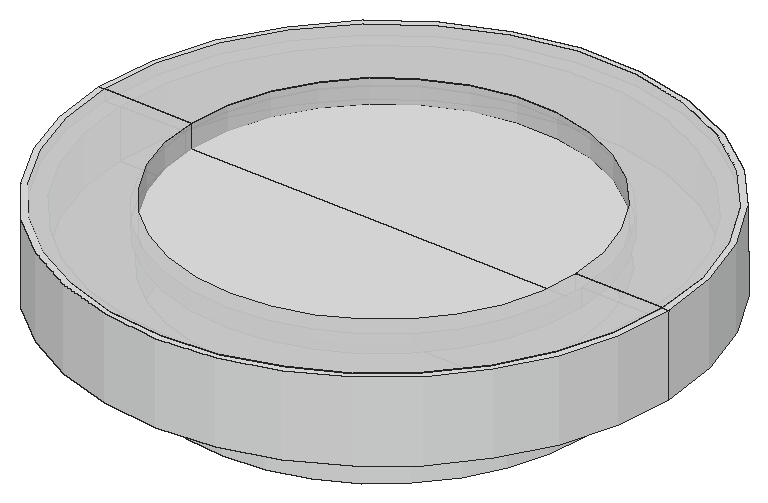
Revit family "0047935 Sylvania Lighting Fixture ST eco Surface Wall Round IP54 MW 830lm 830 WHT", category Lighting Fixtures, host Face, Revit 2016
Family settings
  Host = Face
  Part Type = Normal
  Round Connector Dimension = Use Diameter
  OmniClass Number = 23.80.70.11.17
  OmniClass Title = Specialized Lighting by Location or Use
  Cut with Voids When Loaded = No
  Light Source = Yes
  Shared = No
  Room Calculation Point = No
Parameters (values of type "0047935 ST eco Surface Wall Round IP54 MW 830lm 830 WHT")
  Weight = 0.88 kg
  Wattage = 12 W
  built-in parameter 1150110 = 1 (stored number, unit not read)
  Voltage Comments = "UNV (Universal Voltage; 230-240 Volt)"  # constant formula
  Voltage = 240 V  # constant formula
  URL = "http://www.sylvania-lighting.com/product/en-int/products/0047935"
  built-in parameter 1114217 = 1 (stored number, unit not read)
  Tilt Angle = -90.00°
  built-in parameter 1150109 = 1 (stored number, unit not read)
  built-in parameter 1150134 = (empty or 0)
  Ta Rating = "-20°C to +45°C"  # constant formula
  built-in parameter 1150113 = 1 (stored number, unit not read)
  Radius = 100.0 mm
  Product Page URL = "http://www.sylvania-lighting.com/product/en-int/products/0047935"
  Product Family = ""
  Photometry Comments = ""
  Photometric Web File = "0047935.ies"
  built-in parameter 1150105 = 296.03 (stored number, unit not read)
  Lumens = 830.04 lm
  built-in parameter 1150115 = 1 (stored number, unit not read)
  built-in parameter 1150137 = (empty or 0)
  built-in parameter 1150139 = (empty or 0)
  Life = "25 000h"  # constant formula
  built-in parameter 1150112 = 1 (stored number, unit not read)
  built-in parameter 1150114 = 1 (stored number, unit not read)
  Lamp Comments = "Integrated LED"  # constant formula
  built-in parameter 1150132 = 2
  built-in parameter 1150102 = (empty or 0)
  built-in parameter 1150107 = 3000 (stored number, unit not read)
  built-in parameter 1150138 = (empty or 0)
  built-in parameter 1150106 = 2.9603 (stored number, unit not read)
  IP Rating = "IP54"  # constant formula
  IK Rating = "IK05"  # constant formula
  Energy Class = "A++ A+ A"  # constant formula
  Emit from Circle Diameter = Diameter  # 200.0 mm
  Emit Shape Visible in Rendering = no
  Electrical Protection = "CLASS I"  # constant formula
  built-in parameter 1150104 = 6.4261 (stored number, unit not read)
  Drive Current = "300mA"
  Dimming Lamp Color Temperature Shift = <None>
  Diameter = Radius * 2  # 200.0 mm
  Color Filter = 16777215
  Catalog Number = "0047935 ST eco Surface Wall Round IP54 MW 830lm 830 WHT"
  Body Material = Aluminum_Sylvania_Velite_White_RAL 9016
  built-in parameter 1114218 = 1 (stored number, unit not read)
  built-in parameter 1150133 = 10 (stored number, unit not read)
  Height = 50.0 mm
  built-in parameter 1114216 [instance] = 1 (stored number, unit not read)
  Model = "ST eco Surface Wall Round IP54 MW 830lm 830 WHT"
  Manufacturer = "Feilo Sylvania"  # constant formula
  Lamp = "LED"
  Diffuser Material = Polycarbonate_Sylvania_Velite_Clear
  Description = "A range of sleek and stylish Outdoor LED luminaires.Velite is perfect for lighting courtyards, gardens and exterior entrances.Design  meets IK05 requirements.Available in various shapes, sizes and colours of die cast aluminium luminaires.Range includes bollards and various wall mounted direct and direct/indirect luminaires.High efficient thermal design: ta -20 to +45oC.High performance: delivers up to 830 lm (luminaire lumen output), and up to 71lm/W (total system efficiency).Available in warm white (3,000K).Energy class: A++, A+, A.Lifetime: 30,000 hours life at 70% of the original output L70."  # constant formula
  Default Elevation = 0.0 mm
  built-in parameter 1140040 [instance] = 1
  Assembly Code = "D5020200"
  Apparent Load Comments = ""
  Apparent Load = 12 VA
Reference planes
  plane 1 "Center (Front/Back)": y = 0
  plane 2 "Fixture Top": z = 0
  plane 3 "Center (Left/Right)": x = 0
  plane 4: z = 22
  plane 5 "Fixture Bottom": z = 50
  plane 6: z = 5
  plane 7: z = 7
  plane 8: z = 29.5
  plane 9: z = 46.5
  plane 10: x = -100
  plane 11: x = -70.5
  plane 12: x = -68.5
  plane 13: x = -98
  plane 14: x = -92.5
  plane 15: x = -67.5
  plane 16: z = 40
  plane 17: x = -69.5
  plane 18: z = 42
Forms (mm)
  Revolve 1, solid, material "Aluminum_Sylvania_Velite_White_RAL 9016" <- "Body Material", detail levels fine
    sketch origin (0, 0, 0) x (1, 0, 0) y (0, 0, 1)
      loop
        line (-68.5, 0) -> (-68.5, 5) -> (0, 5) -> (0, 7) -> (-68.5, 7) -> (-68.5, 29.5) -> (-92.5, 29.5) -> (-92.5, 46.5) -> (-98, 46.5) -> (-98, 50) -> (-100, 50) -> (-100, 22) -> (-70.5, 22) -> (-70.5, 0) -> (-68.5, 0)
      axis (0, 50) -> (0, 0)
    angle from 0 to 360
  Revolve 2, solid, material "Polycarbonate_Sylvania_Velite_Clear" <- "Diffuser Material", detail levels fine
    sketch origin (0, 0, 0) x (1, 0, 0) y (0, 0, 1)
      loop
        line (-98, 50) -> (-98, 46.5) -> (-69.5, 46.5) -> (-69.5, 40) -> (-67.5, 40) -> (-67.5, 50) -> (-98, 50)
      axis (0, 50) -> (0, 40)
    angle from 0 to 360
  Revolve 3, solid, material "Aluminum_Sylvania_Velite_White_RAL 9016" <- "Body Material", detail levels fine
    sketch origin (0, 0, 0) x (1, 0, 0) y (0, 0, 1)
      loop
        line (-67.5, 42) -> (-67.5, 40) -> (0, 40) -> (0, 42) -> (-67.5, 42)
      axis (0, 42) -> (0, 40)
    angle from 0 to 360
  Revolve 4, solid, material "Aluminum_Sylvania_Velite_White_RAL 9016" <- "Body Material", detail levels coarse+medium
    sketch origin (0, 0, 0) x (1, 0, 0) y (0, 0, 1)
      loop
        line (-67.5, 50) -> (-100, 50) -> (-100, 22) -> (-70.5, 22) -> (-70.5, 0) -> (0, 0) -> (0, 42) -> (-67.5, 42) -> (-67.5, 50)
      axis (0, 50) -> (0, 0)
    angle from 0 to 360
Dimensions and locks
  "Height": plane 5 "Fixture Bottom" to plane 2 "Fixture Top"
  "Radius": plane 3 "Center (Left/Right)" to plane 10
  plane 15 to plane 12 to plane 17 to plane 11 to plane 14 to plane 13 to plane 10 = 1.0 mm locked, 1.0 mm locked, 1.0 mm locked, 22.0 mm locked, 5.5 mm locked, 2.0 mm locked
  plane 7 to plane 6 to plane 2 "Fixture Top" = 2.0 mm locked, 5.0 mm locked
  plane 5 "Fixture Bottom" to plane 9 to plane 18 to plane 16 to plane 8 to plane 4 = 3.5 mm locked, 4.5 mm locked, 2.0 mm locked, 10.5 mm locked, 7.5 mm locked
  aligned and locked: host face to plane 2 "Fixture Top"
  aligned and locked: level to host face
  aligned and locked: imposter light to plane 1 "Center (Front/Back)"
  aligned and locked: imposter light to plane 3 "Center (Left/Right)"
  aligned and locked: Revolve 1 sketch curve to plane 5 "Fixture Bottom"
  aligned and locked: plane 10 to Revolve 1 sketch curve
  aligned and locked: Revolve 1 sketch curve to plane 13
  aligned and locked: Revolve 1 sketch curve to plane 14
  aligned and locked: Revolve 1 sketch curve to plane 9
  aligned and locked: Revolve 1 sketch curve to plane 8
  aligned and locked: plane 4 to Revolve 1 sketch curve
  aligned and locked: plane 11 to Revolve 1 sketch curve
  aligned and locked: Revolve 1 sketch curve to plane 12  (x2)
  aligned and locked: Revolve 1 sketch curve to plane 7
  aligned and locked: plane 6 to Revolve 1 sketch curve
  aligned and locked: plane 2 "Fixture Top" to Revolve 1 sketch curve
  aligned and locked: imposter light to Revolve 1 sketch curve
  aligned and locked: Revolve 2 sketch curve to plane 15
  aligned and locked: plane 13 to Revolve 2 sketch curve
  aligned and locked: Revolve 2 sketch curve to plane 5 "Fixture Bottom"
  aligned and locked: plane 9 to Revolve 2 sketch curve
  aligned and locked: Revolve 2 sketch curve to plane 16
  aligned and locked: Revolve 2 sketch curve to plane 17
  aligned and locked: imposter light to Revolve 2 sketch curve
  aligned and locked: Revolve 3 sketch curve to plane 3 "Center (Left/Right)"  (x2)
  aligned and locked: plane 15 to Revolve 3 sketch curve
  aligned and locked: plane 16 to Revolve 3 sketch curve
  aligned and locked: Revolve 3 sketch curve to plane 18
  aligned and locked: imposter light to plane 5 "Fixture Bottom"
  aligned and locked: Revolve 4 sketch curve to plane 11
  aligned and locked: Revolve 4 sketch curve to plane 4
  aligned and locked: Revolve 4 sketch curve to plane 10
  aligned and locked: plane 5 "Fixture Bottom" to Revolve 4 sketch curve
  aligned and locked: Revolve 4 sketch curve to plane 15
  aligned and locked: Revolve 4 sketch curve to plane 18
  aligned and locked: Revolve 4 sketch curve to plane 2 "Fixture Top"
  aligned and locked: Revolve 4 sketch curve to plane 3 "Center (Left/Right)"  (x2)
Automatic sketch dimensions
  host sketch curve to host sketch curve = 447.379 mm
  host sketch curve to host sketch curve = 434.165 mm
  Revolve 1 sketch curve to plane 3 "Center (Left/Right)" = 0.0 mm
  Revolve 1 sketch curve to level = 30.295 mm
  plane 5 "Fixture Bottom" to Revolve 1 sketch curve = 21.633 mm
  Revolve 2 sketch curve to level = 16.662 mm
  plane 5 "Fixture Bottom" to Revolve 2 sketch curve = 26.574 mm
  plane 7 to Revolve 3 sketch curve = 4.59 mm
  plane 5 "Fixture Bottom" to Revolve 3 sketch curve = 26.59 mm
  Revolve 4 sketch curve to level = 50.413 mm
  plane 5 "Fixture Bottom" to Revolve 4 sketch curve = 39.587 mm
Connectors
  electrical at (0, 0, 0), driven by "Voltage", driven by "Apparent Load"
    settings: on Revolve 4, index 1, voltage 240 V, apparent load 0 VA, apparent load phase1 12 VA, apparent load phase2 0 VA, apparent load phase3 0 VA, power factor 1, load classification "Lighting", number of poles 1, system type 31, power factor state 1, is connector primary yes, connector utility no, sub classification motor no, connector description ""
